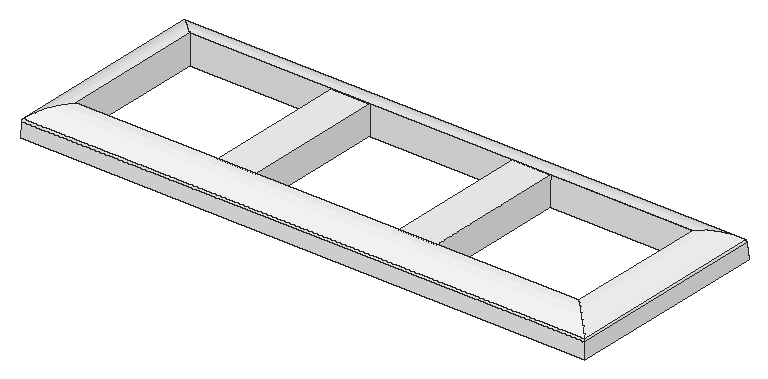
Revit family "Gira_021303", category Electrical Fixtures, host Face, Revit 2017
Family settings
  Host = Face
  Maintain Annotation Orientation = No
  Round Connector Dimension = Use Diameter
  Part Type = Normal
  Cut with Voids When Loaded = No
  Shared = No
  Room Calculation Point = No
Parameters (values of type "Abdeckrahmen 3f Standard 55 Reinweiß")
  Werkstoffgüte = "Thermoplast"
  Werkstoff = "Kunststoff"
  URL = "http://katalog.gira.de/de_DE/datenblatt.html?artikelnr=021303"
  Transparent = "No"
  Textfeld/Beschriftungsfläche = "No"
  Schutzart (IP) = "IP21"
  Region = "DE"
  RAL-Nummer (ähnlich) = "9010 "
  Oberfläche = "sonstige"
  Name = "Abdeckrahmen 3f Standard 55 Reinweiß"
  Montagerichtung = "horizontal und vertikal"
  Mit Montagerahmen = "No"
  Mit Klappdeckel = "No"
  Manufacturer URL = "https://www.gira.de/"
  Keynote = "Std55_Rahmen_3fach"
  HeinzeBIM = "https://bimportal.heinze.de/bim/abdeckrahmen-3f-standard-55-reinweiss/6eb16dc43ea6cd5cbc73a7e035a179e5f14b4485"
  Halogenfrei = "Yes"
  HAN = "021303"
  Geeignet für Unterputz-Installation = "Yes"
  Geeignet für Unterflurkanaldose = "No"
  Geeignet für Geräteeinbaukanal = "No"
  Geeignet für Einbauinstallation = "No"
  GTIN = "4010337213031"
  Farbe = "weiß"
  Default Elevation = 1219.2 mm
  Data sheet (1) = "https://katalog.gira.de/de_DE/download.html?artikelnr=021303"
  Category = "Abdeckrahmen"
  Befestigungsart = "Klemmbefestigung"
  Available = "Yes"
  Ausführung der Oberfläche = "glänzend"
  Anzahl der Einheiten vertikal = "3 "
  Anzahl der Einheiten horizontal = "3 "
  Anzahl der Einheiten = "3 "
Reference planes
  plane 1 "Center (Front/Back)": y = 0
  plane 2: z = 0
  plane 3 "Center (Left/Right)": x = 0
  plane 4: x = -40.3
  plane 5: x = 40.3
  plane 6: y = -111.5
  plane 7: y = 111.5
  plane 8: y = 35.7
  plane 9: y = -35.7
Forms (mm)
  Sweep 1, solid, material "White", detail levels fine
    path origin (0, 0, 0) x (0, -1, 0) y (1, 0, 0)
      loop
        line (40.3, 111.5) -> (-40.3, 111.5) -> (-40.3, -111.5) -> (40.3, -111.5) -> (40.3, 111.5)
    profile origin (111.5, 0, 0) x (-1, 0, 0) y (0, 0, 1)
      loop
        arc (12.22, 11.373) -> (5.983, 10.294) -> (0.641, 6.901) r 16.145
        arc (0.641, 6.901) -> (0.395, 6.426) -> (0.309, 5.898) r 1.694
        line (0.309, 5.898) -> (0, 0) -> (12.319, 0) -> (12.22, 11.373)
  Extrusion 2, solid, material "White", detail levels fine
    sketch origin (-35.7, 0, 0) x (1, 0, 0) y (0, 0, 1)
      loop
        line (7.4, 0) -> (7.4, 11.373) -> (-7.4, 11.373) -> (-7.4, 0) -> (7.4, 0)
    from -28.08 to 28.08
  Extrusion 3, solid, material "White", detail levels fine
    sketch origin (35.7, 0, 0) x (1, 0, 0) y (0, 0, 1)
      loop
        line (7.4, 0) -> (7.4, 11.373) -> (-7.4, 11.373) -> (-7.4, 0) -> (7.4, 0)
    from -28.08 to 28.08
  Extrusion 4, solid, material "White", detail levels coarse+medium
    sketch origin (0, 0, 0) x (0, -1, 0) y (1, 0, 0)
      loop
        line (40.3, 111.5) -> (-40.3, 111.5) -> (-40.3, -111.5) -> (40.3, -111.5) -> (40.3, 111.5)
    from 0 to 11.373
Dimensions and locks
  aligned and locked: plane 2 to host face
  aligned and locked: level to host face
